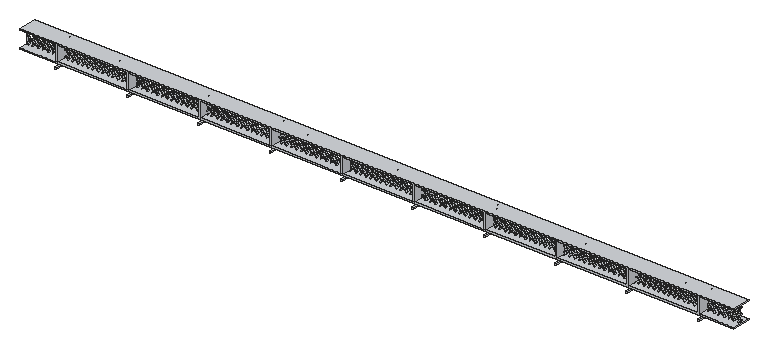
Revit family "Nedsale_venti panlat_zonder kam_Generic Model_2015", category Generic Models, Revit 2015 (continued)
Forms (mm)
  Extrusion 51, void
    sketch origin (676.237, 0, 0) x (1, 0, 0) y (0, 0, 1)
      loop
        line (13.002, 14.928) -> (9.002, 14.928) -> (7.002, 11.464) -> (9.002, 8) -> (13.002, 8) -> (15.002, 11.464) -> (13.002, 14.928)
      loop
        line (19.961, 26.982) -> (15.961, 26.982) -> (13.961, 23.518) -> (15.961, 20.054) -> (19.961, 20.054) -> (21.961, 23.518) -> (19.961, 26.982)
      loop
        line (19.961, 18.946) -> (15.961, 18.946) -> (13.961, 15.482) -> (15.961, 12.018) -> (19.961, 12.018) -> (21.961, 15.482) -> (19.961, 18.946)
      loop
        line (19.961, 10.91) -> (15.961, 10.91) -> (14.281, 8) -> (21.641, 8) -> (19.961, 10.91)
      loop
        line (21.641, 31) -> (14.281, 31) -> (15.961, 28.09) -> (19.961, 28.09) -> (21.641, 31)
    from -34.103 to 250
  Extrusion 52, void
    sketch origin (690.155, 0, 0) x (1, 0, 0) y (0, 0, 1)
      loop
        line (13.002, 31) -> (9.002, 31) -> (7.002, 27.536) -> (9.002, 24.072) -> (13.002, 24.072) -> (15.002, 27.536) -> (13.002, 31)
      loop
        line (13.002, 22.964) -> (9.002, 22.964) -> (7.002, 19.5) -> (9.002, 16.036) -> (13.002, 16.036) -> (15.002, 19.5) -> (13.002, 22.964)
      loop
        line (13.002, 14.928) -> (9.002, 14.928) -> (7.002, 11.464) -> (9.002, 8) -> (13.002, 8) -> (15.002, 11.464) -> (13.002, 14.928)
      loop
        line (19.961, 26.982) -> (15.961, 26.982) -> (13.961, 23.518) -> (15.961, 20.054) -> (19.961, 20.054) -> (21.961, 23.518) -> (19.961, 26.982)
      loop
        line (19.961, 18.946) -> (15.961, 18.946) -> (13.961, 15.482) -> (15.961, 12.018) -> (19.961, 12.018) -> (21.961, 15.482) -> (19.961, 18.946)
      loop
        line (19.961, 10.91) -> (15.961, 10.91) -> (14.281, 8) -> (21.641, 8) -> (19.961, 10.91)
      loop
        line (21.641, 31) -> (14.281, 31) -> (15.961, 28.09) -> (19.961, 28.09) -> (21.641, 31)
    from -34.103 to 250
  Extrusion 53, void
    sketch origin (704.074, 0, 0) x (1, 0, 0) y (0, 0, 1)
      loop
        line (13.002, 31) -> (9.002, 31) -> (7.002, 27.536) -> (9.002, 24.072) -> (13.002, 24.072) -> (15.002, 27.536) -> (13.002, 31)
      loop
        line (13.002, 22.964) -> (9.002, 22.964) -> (7.002, 19.5) -> (9.002, 16.036) -> (13.002, 16.036) -> (15.002, 19.5) -> (13.002, 22.964)
      loop
        line (13.002, 14.928) -> (9.002, 14.928) -> (7.002, 11.464) -> (9.002, 8) -> (13.002, 8) -> (15.002, 11.464) -> (13.002, 14.928)
      loop
        line (19.961, 26.982) -> (15.961, 26.982) -> (13.961, 23.518) -> (15.961, 20.054) -> (19.961, 20.054) -> (21.961, 23.518) -> (19.961, 26.982)
      loop
        line (19.961, 18.946) -> (15.961, 18.946) -> (13.961, 15.482) -> (15.961, 12.018) -> (19.961, 12.018) -> (21.961, 15.482) -> (19.961, 18.946)
      loop
        line (19.961, 10.91) -> (15.961, 10.91) -> (14.281, 8) -> (21.641, 8) -> (19.961, 10.91)
      loop
        line (21.641, 31) -> (14.281, 31) -> (15.961, 28.09) -> (19.961, 28.09) -> (21.641, 31)
    from -34.103 to 250
  Extrusion 54, void
    sketch origin (717.992, 0, 0) x (1, 0, 0) y (0, 0, 1)
      loop
        line (13.002, 31) -> (9.002, 31) -> (7.002, 27.536) -> (9.002, 24.072) -> (13.002, 24.072) -> (15.002, 27.536) -> (13.002, 31)
      loop
        line (13.002, 22.964) -> (9.002, 22.964) -> (7.002, 19.5) -> (9.002, 16.036) -> (13.002, 16.036) -> (15.002, 19.5) -> (13.002, 22.964)
      loop
        line (13.002, 14.928) -> (9.002, 14.928) -> (7.002, 11.464) -> (9.002, 8) -> (13.002, 8) -> (15.002, 11.464) -> (13.002, 14.928)
      loop
        line (19.961, 26.982) -> (15.961, 26.982) -> (13.961, 23.518) -> (15.961, 20.054) -> (19.961, 20.054) -> (21.961, 23.518) -> (19.961, 26.982)
      loop
        line (19.961, 18.946) -> (15.961, 18.946) -> (13.961, 15.482) -> (15.961, 12.018) -> (19.961, 12.018) -> (21.961, 15.482) -> (19.961, 18.946)
      loop
        line (19.961, 10.91) -> (15.961, 10.91) -> (14.281, 8) -> (21.641, 8) -> (19.961, 10.91)
      loop
        line (21.641, 31) -> (14.281, 31) -> (15.961, 28.09) -> (19.961, 28.09) -> (21.641, 31)
    from -34.103 to 250
  Extrusion 55, void
    sketch origin (731.911, 0, 0) x (1, 0, 0) y (0, 0, 1)
      loop
        line (13.002, 31) -> (9.002, 31) -> (7.002, 27.536) -> (9.002, 24.072) -> (13.002, 24.072) -> (15.002, 27.536) -> (13.002, 31)
      loop
        line (13.002, 22.964) -> (9.002, 22.964) -> (7.002, 19.5) -> (9.002, 16.036) -> (13.002, 16.036) -> (15.002, 19.5) -> (13.002, 22.964)
      loop
        line (13.002, 14.928) -> (9.002, 14.928) -> (7.002, 11.464) -> (9.002, 8) -> (13.002, 8) -> (15.002, 11.464) -> (13.002, 14.928)
      loop
        line (19.961, 26.982) -> (15.961, 26.982) -> (13.961, 23.518) -> (15.961, 20.054) -> (19.961, 20.054) -> (21.961, 23.518) -> (19.961, 26.982)
      loop
        line (19.961, 18.946) -> (15.961, 18.946) -> (13.961, 15.482) -> (15.961, 12.018) -> (19.961, 12.018) -> (21.961, 15.482) -> (19.961, 18.946)
      loop
        line (19.961, 10.91) -> (15.961, 10.91) -> (14.281, 8) -> (21.641, 8) -> (19.961, 10.91)
      loop
        line (21.641, 31) -> (14.281, 31) -> (15.961, 28.09) -> (19.961, 28.09) -> (21.641, 31)
    from -34.103 to 250
  Extrusion 56, void
    sketch origin (745.829, 0, 0) x (1, 0, 0) y (0, 0, 1)
      loop
        line (13.002, 31) -> (9.002, 31) -> (7.002, 27.536) -> (9.002, 24.072) -> (13.002, 24.072) -> (15.002, 27.536) -> (13.002, 31)
      loop
        line (13.002, 22.964) -> (9.002, 22.964) -> (7.002, 19.5) -> (9.002, 16.036) -> (13.002, 16.036) -> (15.002, 19.5) -> (13.002, 22.964)
      loop
        line (13.002, 14.928) -> (9.002, 14.928) -> (7.002, 11.464) -> (9.002, 8) -> (13.002, 8) -> (15.002, 11.464) -> (13.002, 14.928)
      loop
        line (19.961, 26.982) -> (15.961, 26.982) -> (13.961, 23.518) -> (15.961, 20.054) -> (19.961, 20.054) -> (21.961, 23.518) -> (19.961, 26.982)
      loop
        line (19.961, 18.946) -> (15.961, 18.946) -> (13.961, 15.482) -> (15.961, 12.018) -> (19.961, 12.018) -> (21.961, 15.482) -> (19.961, 18.946)
      loop
        line (19.961, 10.91) -> (15.961, 10.91) -> (14.281, 8) -> (21.641, 8) -> (19.961, 10.91)
      loop
        line (21.641, 31) -> (14.281, 31) -> (15.961, 28.09) -> (19.961, 28.09) -> (21.641, 31)
    from -34.103 to 250
  Extrusion 57, void
    sketch origin (759.748, 0, 0) x (1, 0, 0) y (0, 0, 1)
      loop
        line (13.002, 31) -> (9.002, 31) -> (7.002, 27.536) -> (9.002, 24.072) -> (13.002, 24.072) -> (15.002, 27.536) -> (13.002, 31)
      loop
        line (13.002, 22.964) -> (9.002, 22.964) -> (7.002, 19.5) -> (9.002, 16.036) -> (13.002, 16.036) -> (15.002, 19.5) -> (13.002, 22.964)
      loop
        line (13.002, 14.928) -> (9.002, 14.928) -> (7.002, 11.464) -> (9.002, 8) -> (13.002, 8) -> (15.002, 11.464) -> (13.002, 14.928)
      loop
        line (19.961, 26.982) -> (15.961, 26.982) -> (13.961, 23.518) -> (15.961, 20.054) -> (19.961, 20.054) -> (21.961, 23.518) -> (19.961, 26.982)
      loop
        line (19.961, 18.946) -> (15.961, 18.946) -> (13.961, 15.482) -> (15.961, 12.018) -> (19.961, 12.018) -> (21.961, 15.482) -> (19.961, 18.946)
      loop
        line (19.961, 10.91) -> (15.961, 10.91) -> (14.281, 8) -> (21.641, 8) -> (19.961, 10.91)
      loop
        line (21.641, 31) -> (14.281, 31) -> (15.961, 28.09) -> (19.961, 28.09) -> (21.641, 31)
    from -34.103 to 250
  Extrusion 58, void
    sketch origin (773.667, 0, 0) x (1, 0, 0) y (0, 0, 1)
      loop
        line (13.002, 31) -> (9.002, 31) -> (7.002, 27.536) -> (9.002, 24.072) -> (13.002, 24.072) -> (15.002, 27.536) -> (13.002, 31)
      loop
        line (13.002, 22.964) -> (9.002, 22.964) -> (7.002, 19.5) -> (9.002, 16.036) -> (13.002, 16.036) -> (15.002, 19.5) -> (13.002, 22.964)
      loop
        line (13.002, 14.928) -> (9.002, 14.928) -> (7.002, 11.464) -> (9.002, 8) -> (13.002, 8) -> (15.002, 11.464) -> (13.002, 14.928)
      loop
        line (19.961, 26.982) -> (15.961, 26.982) -> (13.961, 23.518) -> (15.961, 20.054) -> (19.961, 20.054) -> (21.961, 23.518) -> (19.961, 26.982)
      loop
        line (19.961, 18.946) -> (15.961, 18.946) -> (13.961, 15.482) -> (15.961, 12.018) -> (19.961, 12.018) -> (21.961, 15.482) -> (19.961, 18.946)
      loop
        line (19.961, 10.91) -> (15.961, 10.91) -> (14.281, 8) -> (21.641, 8) -> (19.961, 10.91)
      loop
        line (21.641, 31) -> (14.281, 31) -> (15.961, 28.09) -> (19.961, 28.09) -> (21.641, 31)
    from -34.103 to 250
  Extrusion 59, void
    sketch origin (787.585, 0, 0) x (1, 0, 0) y (0, 0, 1)
      loop
        line (13.002, 31) -> (9.002, 31) -> (7.002, 27.536) -> (9.002, 24.072) -> (13.002, 24.072) -> (15.002, 27.536) -> (13.002, 31)
      loop
        line (13.002, 22.964) -> (9.002, 22.964) -> (7.002, 19.5) -> (9.002, 16.036) -> (13.002, 16.036) -> (15.002, 19.5) -> (13.002, 22.964)
      loop
        line (13.002, 14.928) -> (9.002, 14.928) -> (7.002, 11.464) -> (9.002, 8) -> (13.002, 8) -> (15.002, 11.464) -> (13.002, 14.928)
      loop
        line (19.961, 26.982) -> (15.961, 26.982) -> (13.961, 23.518) -> (15.961, 20.054) -> (19.961, 20.054) -> (21.961, 23.518) -> (19.961, 26.982)
      loop
        line (19.961, 18.946) -> (15.961, 18.946) -> (13.961, 15.482) -> (15.961, 12.018) -> (19.961, 12.018) -> (21.961, 15.482) -> (19.961, 18.946)
      loop
        line (19.961, 10.91) -> (15.961, 10.91) -> (14.281, 8) -> (21.641, 8) -> (19.961, 10.91)
      loop
        line (21.641, 31) -> (14.281, 31) -> (15.961, 28.09) -> (19.961, 28.09) -> (21.641, 31)
    from -34.103 to 250
  Extrusion 60, void
    sketch origin (801.504, 0, 0) x (1, 0, 0) y (0, 0, 1)
      loop
        line (13.002, 31) -> (9.002, 31) -> (7.002, 27.536) -> (9.002, 24.072) -> (13.002, 24.072) -> (15.002, 27.536) -> (13.002, 31)
      loop
        line (13.002, 22.964) -> (9.002, 22.964) -> (7.002, 19.5) -> (9.002, 16.036) -> (13.002, 16.036) -> (15.002, 19.5) -> (13.002, 22.964)
      loop
        line (13.002, 14.928) -> (9.002, 14.928) -> (7.002, 11.464) -> (9.002, 8) -> (13.002, 8) -> (15.002, 11.464) -> (13.002, 14.928)
      loop
        line (19.961, 26.982) -> (15.961, 26.982) -> (13.961, 23.518) -> (15.961, 20.054) -> (19.961, 20.054) -> (21.961, 23.518) -> (19.961, 26.982)
      loop
        line (19.961, 18.946) -> (15.961, 18.946) -> (13.961, 15.482) -> (15.961, 12.018) -> (19.961, 12.018) -> (21.961, 15.482) -> (19.961, 18.946)
      loop
        line (19.961, 10.91) -> (15.961, 10.91) -> (14.281, 8) -> (21.641, 8) -> (19.961, 10.91)
      loop
        line (21.641, 31) -> (14.281, 31) -> (15.961, 28.09) -> (19.961, 28.09) -> (21.641, 31)
    from -34.103 to 250
  Extrusion 61, void
    sketch origin (815.422, 0, 0) x (1, 0, 0) y (0, 0, 1)
      loop
        line (13.002, 31) -> (9.002, 31) -> (7.002, 27.536) -> (9.002, 24.072) -> (13.002, 24.072) -> (15.002, 27.536) -> (13.002, 31)
      loop
        line (13.002, 22.964) -> (9.002, 22.964) -> (7.002, 19.5) -> (9.002, 16.036) -> (13.002, 16.036) -> (15.002, 19.5) -> (13.002, 22.964)
      loop
        line (13.002, 14.928) -> (9.002, 14.928) -> (7.002, 11.464) -> (9.002, 8) -> (13.002, 8) -> (15.002, 11.464) -> (13.002, 14.928)
      loop
        line (19.961, 26.982) -> (15.961, 26.982) -> (13.961, 23.518) -> (15.961, 20.054) -> (19.961, 20.054) -> (21.961, 23.518) -> (19.961, 26.982)
      loop
        line (19.961, 18.946) -> (15.961, 18.946) -> (13.961, 15.482) -> (15.961, 12.018) -> (19.961, 12.018) -> (21.961, 15.482) -> (19.961, 18.946)
      loop
        line (19.961, 10.91) -> (15.961, 10.91) -> (14.281, 8) -> (21.641, 8) -> (19.961, 10.91)
      loop
        line (21.641, 31) -> (14.281, 31) -> (15.961, 28.09) -> (19.961, 28.09) -> (21.641, 31)
    from -34.103 to 250
  Extrusion 62, void
    sketch origin (829.341, 0, 0) x (1, 0, 0) y (0, 0, 1)
      loop
        line (13.002, 31) -> (9.002, 31) -> (7.002, 27.536) -> (9.002, 24.072) -> (13.002, 24.072) -> (15.002, 27.536) -> (13.002, 31)
      loop
        line (13.002, 22.964) -> (9.002, 22.964) -> (7.002, 19.5) -> (9.002, 16.036) -> (13.002, 16.036) -> (15.002, 19.5) -> (13.002, 22.964)
      loop
        line (13.002, 14.928) -> (9.002, 14.928) -> (7.002, 11.464) -> (9.002, 8) -> (13.002, 8) -> (15.002, 11.464) -> (13.002, 14.928)
      loop
        line (19.961, 26.982) -> (15.961, 26.982) -> (13.961, 23.518) -> (15.961, 20.054) -> (19.961, 20.054) -> (21.961, 23.518) -> (19.961, 26.982)
      loop
        line (19.961, 18.946) -> (15.961, 18.946) -> (13.961, 15.482) -> (15.961, 12.018) -> (19.961, 12.018) -> (21.961, 15.482) -> (19.961, 18.946)
      loop
        line (19.961, 10.91) -> (15.961, 10.91) -> (14.281, 8) -> (21.641, 8) -> (19.961, 10.91)
      loop
        line (21.641, 31) -> (14.281, 31) -> (15.961, 28.09) -> (19.961, 28.09) -> (21.641, 31)
    from -34.103 to 250
  Extrusion 63, void
    sketch origin (843.26, 0, 0) x (1, 0, 0) y (0, 0, 1)
      loop
        line (13.002, 31) -> (9.002, 31) -> (7.002, 27.536) -> (9.002, 24.072) -> (13.002, 24.072) -> (15.002, 27.536) -> (13.002, 31)
      loop
        line (13.002, 22.964) -> (9.002, 22.964) -> (7.002, 19.5) -> (9.002, 16.036) -> (13.002, 16.036) -> (15.002, 19.5) -> (13.002, 22.964)
      loop
        line (13.002, 14.928) -> (9.002, 14.928) -> (7.002, 11.464) -> (9.002, 8) -> (13.002, 8) -> (15.002, 11.464) -> (13.002, 14.928)
      loop
        line (19.961, 26.982) -> (15.961, 26.982) -> (13.961, 23.518) -> (15.961, 20.054) -> (19.961, 20.054) -> (21.961, 23.518) -> (19.961, 26.982)
      loop
        line (19.961, 18.946) -> (15.961, 18.946) -> (13.961, 15.482) -> (15.961, 12.018) -> (19.961, 12.018) -> (21.961, 15.482) -> (19.961, 18.946)
      loop
        line (19.961, 10.91) -> (15.961, 10.91) -> (14.281, 8) -> (21.641, 8) -> (19.961, 10.91)
      loop
        line (21.641, 31) -> (14.281, 31) -> (15.961, 28.09) -> (19.961, 28.09) -> (21.641, 31)
    from -34.103 to 250
  Extrusion 64, void
    sketch origin (857.178, 0, 0) x (1, 0, 0) y (0, 0, 1)
      loop
        line (13.002, 31) -> (9.002, 31) -> (7.002, 27.536) -> (9.002, 24.072) -> (13.002, 24.072) -> (15.002, 27.536) -> (13.002, 31)
      loop
        line (13.002, 22.964) -> (9.002, 22.964) -> (7.002, 19.5) -> (9.002, 16.036) -> (13.002, 16.036) -> (15.002, 19.5) -> (13.002, 22.964)
      loop
        line (13.002, 14.928) -> (9.002, 14.928) -> (7.002, 11.464) -> (9.002, 8) -> (13.002, 8) -> (15.002, 11.464) -> (13.002, 14.928)
      loop
        line (19.961, 26.982) -> (15.961, 26.982) -> (13.961, 23.518) -> (15.961, 20.054) -> (19.961, 20.054) -> (21.961, 23.518) -> (19.961, 26.982)
      loop
        line (19.961, 18.946) -> (15.961, 18.946) -> (13.961, 15.482) -> (15.961, 12.018) -> (19.961, 12.018) -> (21.961, 15.482) -> (19.961, 18.946)
      loop
        line (19.961, 10.91) -> (15.961, 10.91) -> (14.281, 8) -> (21.641, 8) -> (19.961, 10.91)
      loop
        line (21.641, 31) -> (14.281, 31) -> (15.961, 28.09) -> (19.961, 28.09) -> (21.641, 31)
    from -34.103 to 250
  Extrusion 65, void
    sketch origin (871.097, 0, 0) x (1, 0, 0) y (0, 0, 1)
      loop
        line (13.002, 31) -> (9.002, 31) -> (7.002, 27.536) -> (9.002, 24.072) -> (13.002, 24.072) -> (15.002, 27.536) -> (13.002, 31)
      loop
        line (13.002, 22.964) -> (9.002, 22.964) -> (7.002, 19.5) -> (9.002, 16.036) -> (13.002, 16.036) -> (15.002, 19.5) -> (13.002, 22.964)
      loop
        line (13.002, 14.928) -> (9.002, 14.928) -> (7.002, 11.464) -> (9.002, 8) -> (13.002, 8) -> (15.002, 11.464) -> (13.002, 14.928)
      loop
        line (19.961, 26.982) -> (15.961, 26.982) -> (13.961, 23.518) -> (15.961, 20.054) -> (19.961, 20.054) -> (21.961, 23.518) -> (19.961, 26.982)
      loop
        line (19.961, 18.946) -> (15.961, 18.946) -> (13.961, 15.482) -> (15.961, 12.018) -> (19.961, 12.018) -> (21.961, 15.482) -> (19.961, 18.946)
      loop
        line (19.961, 10.91) -> (15.961, 10.91) -> (14.281, 8) -> (21.641, 8) -> (19.961, 10.91)
      loop
        line (21.641, 31) -> (14.281, 31) -> (15.961, 28.09) -> (19.961, 28.09) -> (21.641, 31)
    from -34.103 to 250
  Extrusion 66, void
    sketch origin (885.015, 0, 0) x (1, 0, 0) y (0, 0, 1)
      loop
        line (13.002, 31) -> (9.002, 31) -> (7.002, 27.536) -> (9.002, 24.072) -> (13.002, 24.072) -> (15.002, 27.536) -> (13.002, 31)
      loop
        line (13.002, 22.964) -> (9.002, 22.964) -> (7.002, 19.5) -> (9.002, 16.036) -> (13.002, 16.036) -> (15.002, 19.5) -> (13.002, 22.964)
      loop
        line (13.002, 14.928) -> (9.002, 14.928) -> (7.002, 11.464) -> (9.002, 8) -> (13.002, 8) -> (15.002, 11.464) -> (13.002, 14.928)
      loop
        line (19.961, 26.982) -> (15.961, 26.982) -> (13.961, 23.518) -> (15.961, 20.054) -> (19.961, 20.054) -> (21.961, 23.518) -> (19.961, 26.982)
      loop
        line (19.961, 18.946) -> (15.961, 18.946) -> (13.961, 15.482) -> (15.961, 12.018) -> (19.961, 12.018) -> (21.961, 15.482) -> (19.961, 18.946)
      loop
        line (19.961, 10.91) -> (15.961, 10.91) -> (14.281, 8) -> (21.641, 8) -> (19.961, 10.91)
      loop
        line (21.641, 31) -> (14.281, 31) -> (15.961, 28.09) -> (19.961, 28.09) -> (21.641, 31)
    from -34.103 to 250
  Extrusion 67, void
    sketch origin (898.934, 0, 0) x (1, 0, 0) y (0, 0, 1)
      loop
        line (13.002, 31) -> (9.002, 31) -> (7.002, 27.536) -> (9.002, 24.072) -> (13.002, 24.072) -> (15.002, 27.536) -> (13.002, 31)
      loop
        line (13.002, 22.964) -> (9.002, 22.964) -> (7.002, 19.5) -> (9.002, 16.036) -> (13.002, 16.036) -> (15.002, 19.5) -> (13.002, 22.964)
      loop
        line (13.002, 14.928) -> (9.002, 14.928) -> (7.002, 11.464) -> (9.002, 8) -> (13.002, 8) -> (15.002, 11.464) -> (13.002, 14.928)
      loop
        line (19.961, 26.982) -> (15.961, 26.982) -> (13.961, 23.518) -> (15.961, 20.054) -> (19.961, 20.054) -> (21.961, 23.518) -> (19.961, 26.982)
      loop
        line (19.961, 18.946) -> (15.961, 18.946) -> (13.961, 15.482) -> (15.961, 12.018) -> (19.961, 12.018) -> (21.961, 15.482) -> (19.961, 18.946)
      loop
        line (19.961, 10.91) -> (15.961, 10.91) -> (14.281, 8) -> (21.641, 8) -> (19.961, 10.91)
      loop
        line (21.641, 31) -> (14.281, 31) -> (15.961, 28.09) -> (19.961, 28.09) -> (21.641, 31)
    from -34.103 to 250
  Extrusion 68, void
    sketch origin (912.852, 0, 0) x (1, 0, 0) y (0, 0, 1)
      loop
        line (13.002, 31) -> (9.002, 31) -> (7.002, 27.536) -> (9.002, 24.072) -> (13.002, 24.072) -> (15.002, 27.536) -> (13.002, 31)
      loop
        line (13.002, 22.964) -> (9.002, 22.964) -> (7.002, 19.5) -> (9.002, 16.036) -> (13.002, 16.036) -> (15.002, 19.5) -> (13.002, 22.964)
      loop
        line (13.002, 14.928) -> (9.002, 14.928) -> (7.002, 11.464) -> (9.002, 8) -> (13.002, 8) -> (15.002, 11.464) -> (13.002, 14.928)
      loop
        line (19.961, 26.982) -> (15.961, 26.982) -> (13.961, 23.518) -> (15.961, 20.054) -> (19.961, 20.054) -> (21.961, 23.518) -> (19.961, 26.982)
      loop
        line (19.961, 18.946) -> (15.961, 18.946) -> (13.961, 15.482) -> (15.961, 12.018) -> (19.961, 12.018) -> (21.961, 15.482) -> (19.961, 18.946)
      loop
        line (19.961, 10.91) -> (15.961, 10.91) -> (14.281, 8) -> (21.641, 8) -> (19.961, 10.91)
      loop
        line (21.641, 31) -> (14.281, 31) -> (15.961, 28.09) -> (19.961, 28.09) -> (21.641, 31)
    from -34.103 to 250
  Extrusion 69, void
    sketch origin (926.771, 0, 0) x (1, 0, 0) y (0, 0, 1)
      loop
        line (13.002, 31) -> (9.002, 31) -> (7.002, 27.536) -> (9.002, 24.072) -> (13.002, 24.072) -> (15.002, 27.536) -> (13.002, 31)
      loop
        line (13.002, 22.964) -> (9.002, 22.964) -> (7.002, 19.5) -> (9.002, 16.036) -> (13.002, 16.036) -> (15.002, 19.5) -> (13.002, 22.964)
      loop
        line (13.002, 14.928) -> (9.002, 14.928) -> (7.002, 11.464) -> (9.002, 8) -> (13.002, 8) -> (15.002, 11.464) -> (13.002, 14.928)
      loop
        line (19.961, 26.982) -> (15.961, 26.982) -> (13.961, 23.518) -> (15.961, 20.054) -> (19.961, 20.054) -> (21.961, 23.518) -> (19.961, 26.982)
      loop
        line (19.961, 18.946) -> (15.961, 18.946) -> (13.961, 15.482) -> (15.961, 12.018) -> (19.961, 12.018) -> (21.961, 15.482) -> (19.961, 18.946)
      loop
        line (19.961, 10.91) -> (15.961, 10.91) -> (14.281, 8) -> (21.641, 8) -> (19.961, 10.91)
      loop
        line (21.641, 31) -> (14.281, 31) -> (15.961, 28.09) -> (19.961, 28.09) -> (21.641, 31)
    from -34.103 to 250
  Extrusion 70, void
    sketch origin (940.69, 0, 0) x (1, 0, 0) y (0, 0, 1)
      loop
        line (13.002, 31) -> (9.002, 31) -> (7.002, 27.536) -> (9.002, 24.072) -> (13.002, 24.072) -> (15.002, 27.536) -> (13.002, 31)
      loop
        line (13.002, 22.964) -> (9.002, 22.964) -> (7.002, 19.5) -> (9.002, 16.036) -> (13.002, 16.036) -> (15.002, 19.5) -> (13.002, 22.964)
      loop
        line (13.002, 14.928) -> (9.002, 14.928) -> (7.002, 11.464) -> (9.002, 8) -> (13.002, 8) -> (15.002, 11.464) -> (13.002, 14.928)
      loop
        line (19.961, 26.982) -> (15.961, 26.982) -> (13.961, 23.518) -> (15.961, 20.054) -> (19.961, 20.054) -> (21.961, 23.518) -> (19.961, 26.982)
      loop
        line (19.961, 18.946) -> (15.961, 18.946) -> (13.961, 15.482) -> (15.961, 12.018) -> (19.961, 12.018) -> (21.961, 15.482) -> (19.961, 18.946)
      loop
        line (19.961, 10.91) -> (15.961, 10.91) -> (14.281, 8) -> (21.641, 8) -> (19.961, 10.91)
      loop
        line (21.641, 31) -> (14.281, 31) -> (15.961, 28.09) -> (19.961, 28.09) -> (21.641, 31)
    from -34.103 to 250
  Extrusion 71, void
    sketch origin (954.608, 0, 0) x (1, 0, 0) y (0, 0, 1)
      loop
        line (13.002, 31) -> (9.002, 31) -> (7.002, 27.536) -> (9.002, 24.072) -> (13.002, 24.072) -> (15.002, 27.536) -> (13.002, 31)
      loop
        line (13.002, 22.964) -> (9.002, 22.964) -> (7.002, 19.5) -> (9.002, 16.036) -> (13.002, 16.036) -> (15.002, 19.5) -> (13.002, 22.964)
      loop
        line (13.002, 14.928) -> (9.002, 14.928) -> (7.002, 11.464) -> (9.002, 8) -> (13.002, 8) -> (15.002, 11.464) -> (13.002, 14.928)
      loop
        line (19.961, 26.982) -> (15.961, 26.982) -> (13.961, 23.518) -> (15.961, 20.054) -> (19.961, 20.054) -> (21.961, 23.518) -> (19.961, 26.982)
      loop
        line (19.961, 18.946) -> (15.961, 18.946) -> (13.961, 15.482) -> (15.961, 12.018) -> (19.961, 12.018) -> (21.961, 15.482) -> (19.961, 18.946)
      loop
        line (19.961, 10.91) -> (15.961, 10.91) -> (14.281, 8) -> (21.641, 8) -> (19.961, 10.91)
      loop
        line (21.641, 31) -> (14.281, 31) -> (15.961, 28.09) -> (19.961, 28.09) -> (21.641, 31)
    from -34.103 to 250
  Extrusion 72, void
    sketch origin (968.527, 0, 0) x (1, 0, 0) y (0, 0, 1)
      loop
        line (13.002, 31) -> (9.002, 31) -> (7.002, 27.536) -> (9.002, 24.072) -> (13.002, 24.072) -> (15.002, 27.536) -> (13.002, 31)
      loop
        line (13.002, 22.964) -> (9.002, 22.964) -> (7.002, 19.5) -> (9.002, 16.036) -> (13.002, 16.036) -> (15.002, 19.5) -> (13.002, 22.964)
      loop
        line (13.002, 14.928) -> (9.002, 14.928) -> (7.002, 11.464) -> (9.002, 8) -> (13.002, 8) -> (15.002, 11.464) -> (13.002, 14.928)
      loop
        line (19.961, 26.982) -> (15.961, 26.982) -> (13.961, 23.518) -> (15.961, 20.054) -> (19.961, 20.054) -> (21.961, 23.518) -> (19.961, 26.982)
      loop
        line (19.961, 18.946) -> (15.961, 18.946) -> (13.961, 15.482) -> (15.961, 12.018) -> (19.961, 12.018) -> (21.961, 15.482) -> (19.961, 18.946)
      loop
        line (19.961, 10.91) -> (15.961, 10.91) -> (14.281, 8) -> (21.641, 8) -> (19.961, 10.91)
      loop
        line (21.641, 31) -> (14.281, 31) -> (15.961, 28.09) -> (19.961, 28.09) -> (21.641, 31)
    from -34.103 to 250
  Extrusion 73, void
    sketch origin (982.445, 0, 0) x (1, 0, 0) y (0, 0, 1)
      loop
        line (13.002, 31) -> (9.002, 31) -> (7.002, 27.536) -> (9.002, 24.072) -> (13.002, 24.072) -> (15.002, 27.536) -> (13.002, 31)
      loop
        line (13.002, 22.964) -> (9.002, 22.964) -> (7.002, 19.5) -> (9.002, 16.036) -> (13.002, 16.036) -> (15.002, 19.5) -> (13.002, 22.964)
      loop
        line (13.002, 14.928) -> (9.002, 14.928) -> (7.002, 11.464) -> (9.002, 8) -> (13.002, 8) -> (15.002, 11.464) -> (13.002, 14.928)
      loop
        line (19.961, 26.982) -> (15.961, 26.982) -> (13.961, 23.518) -> (15.961, 20.054) -> (19.961, 20.054) -> (21.961, 23.518) -> (19.961, 26.982)
      loop
        line (19.961, 18.946) -> (15.961, 18.946) -> (13.961, 15.482) -> (15.961, 12.018) -> (19.961, 12.018) -> (21.961, 15.482) -> (19.961, 18.946)
      loop
        line (19.961, 10.91) -> (15.961, 10.91) -> (14.281, 8) -> (21.641, 8) -> (19.961, 10.91)
      loop
        line (21.641, 31) -> (14.281, 31) -> (15.961, 28.09) -> (19.961, 28.09) -> (21.641, 31)
    from -34.103 to 250
  Extrusion 74, solid
    sketch origin (0, 0, 0) x (0, -1, 0) y (0, 0, -1)
      loop
        line (0, -32) -> (25, -32) -> (25, -7) -> (13.711, -7) -> (13.711, -2) -> (25.89, -2) -> (25.89, 0) -> (0, 0) -> (0, -1.899) -> (11.711, -1.899) -> (11.711, -7) -> (0, -7) -> (0, -32)
    from 49.625 to 52.345
  Extrusion 75, solid
    sketch origin (100, 0, 0) x (0, -1, 0) y (0, 0, -1)
      loop
        line (0, -32) -> (25, -32) -> (25, -7) -> (13.711, -7) -> (13.711, -2) -> (25.89, -2) -> (25.89, 0) -> (0, 0) -> (0, -1.899) -> (11.711, -1.899) -> (11.711, -7) -> (0, -7) -> (0, -32)
    from 49.625 to 52.345
  Extrusion 76, solid
    sketch origin (200, 0, 0) x (0, -1, 0) y (0, 0, -1)
      loop
        line (0, -32) -> (25, -32) -> (25, -7) -> (13.711, -7) -> (13.711, -2) -> (25.89, -2) -> (25.89, 0) -> (0, 0) -> (0, -1.899) -> (11.711, -1.899) -> (11.711, -7) -> (0, -7) -> (0, -32)
    from 49.625 to 52.345
  Extrusion 77, solid
    sketch origin (300, 0, 0) x (0, -1, 0) y (0, 0, -1)
      loop
        line (0, -32) -> (25, -32) -> (25, -7) -> (13.711, -7) -> (13.711, -2) -> (25.89, -2) -> (25.89, 0) -> (0, 0) -> (0, -1.899) -> (11.711, -1.899) -> (11.711, -7) -> (0, -7) -> (0, -32)
    from 49.625 to 52.345
  Extrusion 78, solid
    sketch origin (400, 0, 0) x (0, -1, 0) y (0, 0, -1)
      loop
        line (0, -32) -> (25, -32) -> (25, -7) -> (13.711, -7) -> (13.711, -2) -> (25.89, -2) -> (25.89, 0) -> (0, 0) -> (0, -1.899) -> (11.711, -1.899) -> (11.711, -7) -> (0, -7) -> (0, -32)
    from 49.625 to 52.345
  Extrusion 79, solid
    sketch origin (500, 0, 0) x (0, -1, 0) y (0, 0, -1)
      loop
        line (0, -32) -> (25, -32) -> (25, -7) -> (13.711, -7) -> (13.711, -2) -> (25.89, -2) -> (25.89, 0) -> (0, 0) -> (0, -1.899) -> (11.711, -1.899) -> (11.711, -7) -> (0, -7) -> (0, -32)
    from 49.625 to 52.345
  Extrusion 80, solid
    sketch origin (600, 0, 0) x (0, -1, 0) y (0, 0, -1)
      loop
        line (0, -32) -> (25, -32) -> (25, -7) -> (13.711, -7) -> (13.711, -2) -> (25.89, -2) -> (25.89, 0) -> (0, 0) -> (0, -1.899) -> (11.711, -1.899) -> (11.711, -7) -> (0, -7) -> (0, -32)
    from 49.625 to 52.345
  Extrusion 81, solid
    sketch origin (700, 0, 0) x (0, -1, 0) y (0, 0, -1)
      loop
        line (0, -32) -> (25, -32) -> (25, -7) -> (13.711, -7) -> (13.711, -2) -> (25.89, -2) -> (25.89, 0) -> (0, 0) -> (0, -1.899) -> (11.711, -1.899) -> (11.711, -7) -> (0, -7) -> (0, -32)
    from 49.625 to 52.345
  Extrusion 82, solid
    sketch origin (800, 0, 0) x (0, -1, 0) y (0, 0, -1)
      loop
        line (0, -32) -> (25, -32) -> (25, -7) -> (13.711, -7) -> (13.711, -2) -> (25.89, -2) -> (25.89, 0) -> (0, 0) -> (0, -1.899) -> (11.711, -1.899) -> (11.711, -7) -> (0, -7) -> (0, -32)
    from 49.625 to 52.345
  Extrusion 83, solid
    sketch origin (900, 0, 0) x (0, -1, 0) y (0, 0, -1)
      loop
        line (0, -32) -> (25, -32) -> (25, -7) -> (13.711, -7) -> (13.711, -2) -> (25.89, -2) -> (25.89, 0) -> (0, 0) -> (0, -1.899) -> (11.711, -1.899) -> (11.711, -7) -> (0, -7) -> (0, -32)
    from 49.625 to 52.345
  Extrusion 84, solid
    sketch origin (0, 0, 0) x (0, -1, 0) y (0, 0, -1)
      loop
        line (0, -32) -> (25, -32) -> (25, -30.499) -> (0, -30.499) -> (0, -32)
      loop
        line (0, -8.501) -> (25, -8.501) -> (25, -7) -> (0, -7) -> (0, -8.501)
    from 0 to 1000
Cuts and joins
  Extrusion 2, Extrusion 3, Extrusion 4, Extrusion 5, Extrusion 6, Extrusion 7, Extrusion 8, Extrusion 9, Extrusion 10, Extrusion 11, Extrusion 12, Extrusion 13, Extrusion 14, Extrusion 15, Extrusion 16, Extrusion 17, Extrusion 18, Extrusion 19, Extrusion 20, Extrusion 21, Extrusion 22, Extrusion 23, Extrusion 24, Extrusion 25, Extrusion 26, Extrusion 27, Extrusion 28, Extrusion 29, Extrusion 30, Extrusion 31, Extrusion 32, Extrusion 33, Extrusion 34, Extrusion 35, Extrusion 36, Extrusion 37, Extrusion 38, Extrusion 39, Extrusion 40, Extrusion 41, Extrusion 42, Extrusion 43, Extrusion 44, Extrusion 45, Extrusion 46, Extrusion 47, Extrusion 48, Extrusion 49, Extrusion 50, Extrusion 51, Extrusion 52, Extrusion 53, Extrusion 54, Extrusion 55, Extrusion 56, Extrusion 57, Extrusion 58, Extrusion 59, Extrusion 60, Extrusion 61, Extrusion 62, Extrusion 63, Extrusion 64, Extrusion 65, Extrusion 66, Extrusion 67, Extrusion 68, Extrusion 69, Extrusion 70, Extrusion 71, Extrusion 72, Extrusion 73 cuts Extrusion 1
  joined: Extrusion 1, Extrusion 74, Extrusion 75, Extrusion 76, Extrusion 77, Extrusion 78, Extrusion 79, Extrusion 80, Extrusion 81, Extrusion 82, Extrusion 83, Extrusion 84
Dimensions and locks
  equal spacing: group 1, group 2, group 3, group 4, group 5, group 6, group 7, group 8, group 9, group 10, group 11, group 12, group 13, group 14, group 15, group 16, group 17, group 18, group 19, group 20, group 21, group 22, group 23, group 24, group 25, group 26, group 27, group 28, group 29, group 30, group 31, group 32, group 33, group 34, group 35, group 36, group 37, group 38, group 39, group 40, group 41, group 42, group 43, group 44, group 45, group 46, group 47, group 48, group 49, group 50, group 51, group 52, group 53, group 54, group 55, group 56, group 57, group 58, group 59, group 60, group 61, group 62, group 63, group 64, group 65, group 66, group 67, group 68, group 69, group 70, group 71, group 72  (x3)
  aligned and locked: level to plane 2
Automatic sketch dimensions
  Extrusion 2 sketch curve to Extrusion 2 sketch curve = 0 mm  (x11)
  Extrusion 2 sketch curve to Extrusion 2 sketch curve = 4 mm  (x7)
  Extrusion 2 sketch curve to Extrusion 2 sketch curve = 0.959 mm  (x7)
  Extrusion 2 sketch curve to Extrusion 2 sketch curve = 1.279 mm  (x2)
  Extrusion 2 sketch curve to Extrusion 2 sketch curve = 0.721 mm  (x2)
  Extrusion 2 sketch curve to Extrusion 2 sketch curve = 2 mm  (x7)
  Extrusion 2 sketch curve to Extrusion 2 sketch curve = 1.68 mm  (x2)
  Extrusion 2 sketch curve to Extrusion 2 sketch curve = 2.91 mm  (x2)
  Extrusion 2 sketch curve to Extrusion 2 sketch curve = 3.464 mm  (x10)
  Extrusion 2 sketch curve to Extrusion 2 sketch curve = 0.554 mm  (x7)
  Extrusion 2 sketch curve to Extrusion 2 sketch curve = 1.108 mm  (x3)
  Extrusion 3 sketch curve to Extrusion 3 sketch curve = 0 mm  (x11)
  Extrusion 3 sketch curve to Extrusion 3 sketch curve = 4 mm  (x7)
  Extrusion 3 sketch curve to Extrusion 3 sketch curve = 0.959 mm  (x7)
  Extrusion 3 sketch curve to Extrusion 3 sketch curve = 1.279 mm  (x2)
  Extrusion 3 sketch curve to Extrusion 3 sketch curve = 0.721 mm  (x2)
  Extrusion 3 sketch curve to Extrusion 3 sketch curve = 2 mm  (x7)
  Extrusion 3 sketch curve to Extrusion 3 sketch curve = 1.68 mm  (x2)
  Extrusion 3 sketch curve to Extrusion 3 sketch curve = 2.91 mm  (x2)
  Extrusion 3 sketch curve to Extrusion 3 sketch curve = 3.464 mm  (x10)
  Extrusion 3 sketch curve to Extrusion 3 sketch curve = 0.554 mm  (x7)
  Extrusion 3 sketch curve to Extrusion 3 sketch curve = 1.108 mm  (x3)
  Extrusion 4 sketch curve to Extrusion 4 sketch curve = 0 mm  (x11)
  Extrusion 4 sketch curve to Extrusion 4 sketch curve = 4 mm  (x7)
  Extrusion 4 sketch curve to Extrusion 4 sketch curve = 0.959 mm  (x7)
  Extrusion 4 sketch curve to Extrusion 4 sketch curve = 1.279 mm  (x2)
  Extrusion 4 sketch curve to Extrusion 4 sketch curve = 0.721 mm  (x2)
  Extrusion 4 sketch curve to Extrusion 4 sketch curve = 2 mm  (x7)
  Extrusion 4 sketch curve to Extrusion 4 sketch curve = 1.68 mm  (x2)
  Extrusion 4 sketch curve to Extrusion 4 sketch curve = 2.91 mm  (x2)
  Extrusion 4 sketch curve to Extrusion 4 sketch curve = 3.464 mm  (x10)
  Extrusion 4 sketch curve to Extrusion 4 sketch curve = 0.554 mm  (x7)
  Extrusion 4 sketch curve to Extrusion 4 sketch curve = 1.108 mm  (x3)
  Extrusion 5 sketch curve to Extrusion 5 sketch curve = 0 mm  (x11)
  Extrusion 5 sketch curve to Extrusion 5 sketch curve = 4 mm  (x7)
  Extrusion 5 sketch curve to Extrusion 5 sketch curve = 0.959 mm  (x7)
  Extrusion 5 sketch curve to Extrusion 5 sketch curve = 1.279 mm  (x2)
  Extrusion 5 sketch curve to Extrusion 5 sketch curve = 0.721 mm  (x2)
  Extrusion 5 sketch curve to Extrusion 5 sketch curve = 2 mm  (x7)
  Extrusion 5 sketch curve to Extrusion 5 sketch curve = 1.68 mm  (x2)
  Extrusion 5 sketch curve to Extrusion 5 sketch curve = 2.91 mm  (x2)
  Extrusion 5 sketch curve to Extrusion 5 sketch curve = 3.464 mm  (x10)
  Extrusion 5 sketch curve to Extrusion 5 sketch curve = 0.554 mm  (x7)
  Extrusion 5 sketch curve to Extrusion 5 sketch curve = 1.108 mm  (x3)
  Extrusion 6 sketch curve to Extrusion 6 sketch curve = 0 mm  (x11)
  Extrusion 6 sketch curve to Extrusion 6 sketch curve = 4 mm  (x7)
  Extrusion 6 sketch curve to Extrusion 6 sketch curve = 0.959 mm  (x7)
  Extrusion 6 sketch curve to Extrusion 6 sketch curve = 1.279 mm  (x2)
  Extrusion 6 sketch curve to Extrusion 6 sketch curve = 0.721 mm  (x2)
  Extrusion 6 sketch curve to Extrusion 6 sketch curve = 2 mm  (x7)
  Extrusion 6 sketch curve to Extrusion 6 sketch curve = 1.68 mm  (x2)
  Extrusion 6 sketch curve to Extrusion 6 sketch curve = 2.91 mm  (x2)
  Extrusion 6 sketch curve to Extrusion 6 sketch curve = 3.464 mm  (x10)
  Extrusion 6 sketch curve to Extrusion 6 sketch curve = 0.554 mm  (x7)
  Extrusion 6 sketch curve to Extrusion 6 sketch curve = 1.108 mm  (x3)
  Extrusion 7 sketch curve to Extrusion 7 sketch curve = 0 mm  (x11)
  Extrusion 7 sketch curve to Extrusion 7 sketch curve = 4 mm  (x7)
  Extrusion 7 sketch curve to Extrusion 7 sketch curve = 0.959 mm  (x7)
  Extrusion 7 sketch curve to Extrusion 7 sketch curve = 1.279 mm  (x2)
  Extrusion 7 sketch curve to Extrusion 7 sketch curve = 0.721 mm  (x2)
  Extrusion 7 sketch curve to Extrusion 7 sketch curve = 2 mm  (x7)
  Extrusion 7 sketch curve to Extrusion 7 sketch curve = 1.68 mm  (x2)
  Extrusion 7 sketch curve to Extrusion 7 sketch curve = 2.91 mm  (x2)
  Extrusion 7 sketch curve to Extrusion 7 sketch curve = 3.464 mm  (x10)
  Extrusion 7 sketch curve to Extrusion 7 sketch curve = 0.554 mm  (x7)
  Extrusion 7 sketch curve to Extrusion 7 sketch curve = 1.108 mm  (x3)
  Extrusion 8 sketch curve to Extrusion 8 sketch curve = 0 mm  (x11)
  Extrusion 8 sketch curve to Extrusion 8 sketch curve = 4 mm  (x7)
  Extrusion 8 sketch curve to Extrusion 8 sketch curve = 0.959 mm  (x7)
  Extrusion 8 sketch curve to Extrusion 8 sketch curve = 1.279 mm  (x2)
  Extrusion 8 sketch curve to Extrusion 8 sketch curve = 0.721 mm  (x2)
  Extrusion 8 sketch curve to Extrusion 8 sketch curve = 2 mm  (x7)
  Extrusion 8 sketch curve to Extrusion 8 sketch curve = 1.68 mm  (x2)
  Extrusion 8 sketch curve to Extrusion 8 sketch curve = 2.91 mm  (x2)
  Extrusion 8 sketch curve to Extrusion 8 sketch curve = 3.464 mm  (x10)
  Extrusion 8 sketch curve to Extrusion 8 sketch curve = 0.554 mm  (x7)
  Extrusion 8 sketch curve to Extrusion 8 sketch curve = 1.108 mm  (x3)
  Extrusion 9 sketch curve to Extrusion 9 sketch curve = 0 mm  (x11)
  Extrusion 9 sketch curve to Extrusion 9 sketch curve = 4 mm  (x7)
  Extrusion 9 sketch curve to Extrusion 9 sketch curve = 0.959 mm  (x7)
  Extrusion 9 sketch curve to Extrusion 9 sketch curve = 1.279 mm  (x2)
  Extrusion 9 sketch curve to Extrusion 9 sketch curve = 0.721 mm  (x2)
  Extrusion 9 sketch curve to Extrusion 9 sketch curve = 2 mm  (x7)
  Extrusion 9 sketch curve to Extrusion 9 sketch curve = 1.68 mm  (x2)
  Extrusion 9 sketch curve to Extrusion 9 sketch curve = 2.91 mm  (x2)
  Extrusion 9 sketch curve to Extrusion 9 sketch curve = 3.464 mm  (x10)
  Extrusion 9 sketch curve to Extrusion 9 sketch curve = 0.554 mm  (x7)
  Extrusion 9 sketch curve to Extrusion 9 sketch curve = 1.108 mm  (x3)
  Extrusion 10 sketch curve to Extrusion 10 sketch curve = 0 mm  (x11)
  Extrusion 10 sketch curve to Extrusion 10 sketch curve = 4 mm  (x7)
  Extrusion 10 sketch curve to Extrusion 10 sketch curve = 0.959 mm  (x7)
  Extrusion 10 sketch curve to Extrusion 10 sketch curve = 1.279 mm  (x2)
  Extrusion 10 sketch curve to Extrusion 10 sketch curve = 0.721 mm  (x2)
  Extrusion 10 sketch curve to Extrusion 10 sketch curve = 2 mm  (x7)
  Extrusion 10 sketch curve to Extrusion 10 sketch curve = 1.68 mm  (x2)
  Extrusion 10 sketch curve to Extrusion 10 sketch curve = 2.91 mm  (x2)
  Extrusion 10 sketch curve to Extrusion 10 sketch curve = 3.464 mm  (x10)
  Extrusion 10 sketch curve to Extrusion 10 sketch curve = 0.554 mm  (x7)
  Extrusion 10 sketch curve to Extrusion 10 sketch curve = 1.108 mm  (x3)
  Extrusion 11 sketch curve to Extrusion 11 sketch curve = 0 mm  (x11)
  Extrusion 11 sketch curve to Extrusion 11 sketch curve = 4 mm  (x7)
  Extrusion 11 sketch curve to Extrusion 11 sketch curve = 0.959 mm  (x7)
  Extrusion 11 sketch curve to Extrusion 11 sketch curve = 1.279 mm  (x2)
  Extrusion 11 sketch curve to Extrusion 11 sketch curve = 0.721 mm  (x2)
  Extrusion 11 sketch curve to Extrusion 11 sketch curve = 2 mm  (x7)
  Extrusion 11 sketch curve to Extrusion 11 sketch curve = 1.68 mm  (x2)
  Extrusion 11 sketch curve to Extrusion 11 sketch curve = 2.91 mm  (x2)
  Extrusion 11 sketch curve to Extrusion 11 sketch curve = 3.464 mm  (x10)
  Extrusion 11 sketch curve to Extrusion 11 sketch curve = 0.554 mm  (x7)
  Extrusion 11 sketch curve to Extrusion 11 sketch curve = 1.108 mm  (x3)
  Extrusion 12 sketch curve to Extrusion 12 sketch curve = 0 mm  (x11)
  Extrusion 12 sketch curve to Extrusion 12 sketch curve = 4 mm  (x7)
  Extrusion 12 sketch curve to Extrusion 12 sketch curve = 0.959 mm  (x7)
  Extrusion 12 sketch curve to Extrusion 12 sketch curve = 1.279 mm  (x2)
  Extrusion 12 sketch curve to Extrusion 12 sketch curve = 0.721 mm  (x2)
  Extrusion 12 sketch curve to Extrusion 12 sketch curve = 2 mm  (x7)
  Extrusion 12 sketch curve to Extrusion 12 sketch curve = 1.68 mm  (x2)
  Extrusion 12 sketch curve to Extrusion 12 sketch curve = 2.91 mm  (x2)
  Extrusion 12 sketch curve to Extrusion 12 sketch curve = 3.464 mm  (x10)
  Extrusion 12 sketch curve to Extrusion 12 sketch curve = 0.554 mm  (x7)
  Extrusion 12 sketch curve to Extrusion 12 sketch curve = 1.108 mm  (x3)
  Extrusion 13 sketch curve to Extrusion 13 sketch curve = 0 mm  (x11)
  Extrusion 13 sketch curve to Extrusion 13 sketch curve = 4 mm  (x7)
  Extrusion 13 sketch curve to Extrusion 13 sketch curve = 0.959 mm  (x7)
  Extrusion 13 sketch curve to Extrusion 13 sketch curve = 1.279 mm  (x2)
  Extrusion 13 sketch curve to Extrusion 13 sketch curve = 0.721 mm  (x2)
  Extrusion 13 sketch curve to Extrusion 13 sketch curve = 2 mm  (x7)
  Extrusion 13 sketch curve to Extrusion 13 sketch curve = 1.68 mm  (x2)
  Extrusion 13 sketch curve to Extrusion 13 sketch curve = 2.91 mm  (x2)
  Extrusion 13 sketch curve to Extrusion 13 sketch curve = 3.464 mm  (x10)
  Extrusion 13 sketch curve to Extrusion 13 sketch curve = 0.554 mm  (x7)
  Extrusion 13 sketch curve to Extrusion 13 sketch curve = 1.108 mm  (x3)
  Extrusion 14 sketch curve to Extrusion 14 sketch curve = 0 mm  (x11)
  Extrusion 14 sketch curve to Extrusion 14 sketch curve = 4 mm  (x7)
  Extrusion 14 sketch curve to Extrusion 14 sketch curve = 0.959 mm  (x7)
  Extrusion 14 sketch curve to Extrusion 14 sketch curve = 1.279 mm  (x2)
  Extrusion 14 sketch curve to Extrusion 14 sketch curve = 0.721 mm  (x2)
  Extrusion 14 sketch curve to Extrusion 14 sketch curve = 2 mm  (x7)
  Extrusion 14 sketch curve to Extrusion 14 sketch curve = 1.68 mm  (x2)
  Extrusion 14 sketch curve to Extrusion 14 sketch curve = 2.91 mm  (x2)
  Extrusion 14 sketch curve to Extrusion 14 sketch curve = 3.464 mm  (x10)
  Extrusion 14 sketch curve to Extrusion 14 sketch curve = 0.554 mm  (x7)
  Extrusion 14 sketch curve to Extrusion 14 sketch curve = 1.108 mm  (x3)
  Extrusion 15 sketch curve to Extrusion 15 sketch curve = 0 mm  (x11)
  Extrusion 15 sketch curve to Extrusion 15 sketch curve = 4 mm  (x7)
  Extrusion 15 sketch curve to Extrusion 15 sketch curve = 0.959 mm  (x7)
  Extrusion 15 sketch curve to Extrusion 15 sketch curve = 1.279 mm  (x2)
  Extrusion 15 sketch curve to Extrusion 15 sketch curve = 0.721 mm  (x2)
  Extrusion 15 sketch curve to Extrusion 15 sketch curve = 2 mm  (x7)
  Extrusion 15 sketch curve to Extrusion 15 sketch curve = 1.68 mm  (x2)
  Extrusion 15 sketch curve to Extrusion 15 sketch curve = 2.91 mm  (x2)
  Extrusion 15 sketch curve to Extrusion 15 sketch curve = 3.464 mm  (x10)
  Extrusion 15 sketch curve to Extrusion 15 sketch curve = 0.554 mm  (x7)
  Extrusion 15 sketch curve to Extrusion 15 sketch curve = 1.108 mm  (x3)
  Extrusion 16 sketch curve to Extrusion 16 sketch curve = 0 mm  (x11)
  Extrusion 16 sketch curve to Extrusion 16 sketch curve = 4 mm  (x7)
  Extrusion 16 sketch curve to Extrusion 16 sketch curve = 0.959 mm  (x7)
  Extrusion 16 sketch curve to Extrusion 16 sketch curve = 1.279 mm  (x2)
  Extrusion 16 sketch curve to Extrusion 16 sketch curve = 0.721 mm  (x2)
  Extrusion 16 sketch curve to Extrusion 16 sketch curve = 2 mm  (x7)
  Extrusion 16 sketch curve to Extrusion 16 sketch curve = 1.68 mm  (x2)
  Extrusion 16 sketch curve to Extrusion 16 sketch curve = 2.91 mm  (x2)
  Extrusion 16 sketch curve to Extrusion 16 sketch curve = 3.464 mm  (x10)
  Extrusion 16 sketch curve to Extrusion 16 sketch curve = 0.554 mm  (x7)
  Extrusion 16 sketch curve to Extrusion 16 sketch curve = 1.108 mm  (x3)
  Extrusion 17 sketch curve to Extrusion 17 sketch curve = 0 mm  (x11)
  Extrusion 17 sketch curve to Extrusion 17 sketch curve = 4 mm  (x7)
  Extrusion 17 sketch curve to Extrusion 17 sketch curve = 0.959 mm  (x7)
  Extrusion 17 sketch curve to Extrusion 17 sketch curve = 1.279 mm  (x2)
  Extrusion 17 sketch curve to Extrusion 17 sketch curve = 0.721 mm  (x2)
  Extrusion 17 sketch curve to Extrusion 17 sketch curve = 2 mm  (x7)
  Extrusion 17 sketch curve to Extrusion 17 sketch curve = 1.68 mm  (x2)
  Extrusion 17 sketch curve to Extrusion 17 sketch curve = 2.91 mm  (x2)
  Extrusion 17 sketch curve to Extrusion 17 sketch curve = 3.464 mm  (x10)
  Extrusion 17 sketch curve to Extrusion 17 sketch curve = 0.554 mm  (x7)
  Extrusion 17 sketch curve to Extrusion 17 sketch curve = 1.108 mm  (x3)
  Extrusion 18 sketch curve to Extrusion 18 sketch curve = 0 mm  (x11)
  Extrusion 18 sketch curve to Extrusion 18 sketch curve = 4 mm  (x7)
  Extrusion 18 sketch curve to Extrusion 18 sketch curve = 0.959 mm  (x7)
  Extrusion 18 sketch curve to Extrusion 18 sketch curve = 1.279 mm  (x2)
  Extrusion 18 sketch curve to Extrusion 18 sketch curve = 0.721 mm  (x2)
  Extrusion 18 sketch curve to Extrusion 18 sketch curve = 2 mm  (x7)
  Extrusion 18 sketch curve to Extrusion 18 sketch curve = 1.68 mm  (x2)
  Extrusion 18 sketch curve to Extrusion 18 sketch curve = 2.91 mm  (x2)
  Extrusion 18 sketch curve to Extrusion 18 sketch curve = 3.464 mm  (x10)
  Extrusion 18 sketch curve to Extrusion 18 sketch curve = 0.554 mm  (x7)
  Extrusion 18 sketch curve to Extrusion 18 sketch curve = 1.108 mm  (x3)
  Extrusion 19 sketch curve to Extrusion 19 sketch curve = 0 mm  (x11)
  Extrusion 19 sketch curve to Extrusion 19 sketch curve = 4 mm  (x7)
  Extrusion 19 sketch curve to Extrusion 19 sketch curve = 0.959 mm  (x7)
  Extrusion 19 sketch curve to Extrusion 19 sketch curve = 1.279 mm  (x2)
  Extrusion 19 sketch curve to Extrusion 19 sketch curve = 0.721 mm  (x2)
  Extrusion 19 sketch curve to Extrusion 19 sketch curve = 2 mm  (x7)
  Extrusion 19 sketch curve to Extrusion 19 sketch curve = 1.68 mm  (x2)
  Extrusion 19 sketch curve to Extrusion 19 sketch curve = 2.91 mm  (x2)
  Extrusion 19 sketch curve to Extrusion 19 sketch curve = 3.464 mm  (x10)
  Extrusion 19 sketch curve to Extrusion 19 sketch curve = 0.554 mm  (x7)
  Extrusion 19 sketch curve to Extrusion 19 sketch curve = 1.108 mm  (x3)
  Extrusion 20 sketch curve to Extrusion 20 sketch curve = 0 mm  (x11)
  Extrusion 20 sketch curve to Extrusion 20 sketch curve = 4 mm  (x7)
  Extrusion 20 sketch curve to Extrusion 20 sketch curve = 0.959 mm  (x7)
  Extrusion 20 sketch curve to Extrusion 20 sketch curve = 1.279 mm  (x2)
  Extrusion 20 sketch curve to Extrusion 20 sketch curve = 0.721 mm  (x2)
  Extrusion 20 sketch curve to Extrusion 20 sketch curve = 2 mm  (x7)
  Extrusion 20 sketch curve to Extrusion 20 sketch curve = 1.68 mm  (x2)
  Extrusion 20 sketch curve to Extrusion 20 sketch curve = 2.91 mm  (x2)
  Extrusion 20 sketch curve to Extrusion 20 sketch curve = 3.464 mm  (x10)
  Extrusion 20 sketch curve to Extrusion 20 sketch curve = 0.554 mm  (x7)
  Extrusion 20 sketch curve to Extrusion 20 sketch curve = 1.108 mm  (x3)
  Extrusion 21 sketch curve to Extrusion 21 sketch curve = 0 mm  (x11)
  Extrusion 21 sketch curve to Extrusion 21 sketch curve = 4 mm  (x7)
  Extrusion 21 sketch curve to Extrusion 21 sketch curve = 0.959 mm  (x7)
  Extrusion 21 sketch curve to Extrusion 21 sketch curve = 1.279 mm  (x2)
  Extrusion 21 sketch curve to Extrusion 21 sketch curve = 0.721 mm  (x2)
  Extrusion 21 sketch curve to Extrusion 21 sketch curve = 2 mm  (x7)
  Extrusion 21 sketch curve to Extrusion 21 sketch curve = 1.68 mm  (x2)
  Extrusion 21 sketch curve to Extrusion 21 sketch curve = 2.91 mm  (x2)
  Extrusion 21 sketch curve to Extrusion 21 sketch curve = 3.464 mm  (x10)
  Extrusion 21 sketch curve to Extrusion 21 sketch curve = 0.554 mm  (x7)
  Extrusion 21 sketch curve to Extrusion 21 sketch curve = 1.108 mm  (x3)
  Extrusion 22 sketch curve to Extrusion 22 sketch curve = 0 mm  (x11)
  Extrusion 22 sketch curve to Extrusion 22 sketch curve = 4 mm  (x7)
  Extrusion 22 sketch curve to Extrusion 22 sketch curve = 0.959 mm  (x7)
  Extrusion 22 sketch curve to Extrusion 22 sketch curve = 1.279 mm  (x2)
  Extrusion 22 sketch curve to Extrusion 22 sketch curve = 0.721 mm  (x2)
  Extrusion 22 sketch curve to Extrusion 22 sketch curve = 2 mm  (x7)
  Extrusion 22 sketch curve to Extrusion 22 sketch curve = 1.68 mm  (x2)
  Extrusion 22 sketch curve to Extrusion 22 sketch curve = 2.91 mm  (x2)
  Extrusion 22 sketch curve to Extrusion 22 sketch curve = 3.464 mm  (x10)
  Extrusion 22 sketch curve to Extrusion 22 sketch curve = 0.554 mm  (x7)
  Extrusion 22 sketch curve to Extrusion 22 sketch curve = 1.108 mm  (x3)
  Extrusion 23 sketch curve to Extrusion 23 sketch curve = 0 mm  (x11)
  Extrusion 23 sketch curve to Extrusion 23 sketch curve = 4 mm  (x7)
  Extrusion 23 sketch curve to Extrusion 23 sketch curve = 0.959 mm  (x7)
  Extrusion 23 sketch curve to Extrusion 23 sketch curve = 1.279 mm  (x2)
  Extrusion 23 sketch curve to Extrusion 23 sketch curve = 0.721 mm  (x2)
  Extrusion 23 sketch curve to Extrusion 23 sketch curve = 2 mm  (x7)
  Extrusion 23 sketch curve to Extrusion 23 sketch curve = 1.68 mm  (x2)
  Extrusion 23 sketch curve to Extrusion 23 sketch curve = 2.91 mm  (x2)
  Extrusion 23 sketch curve to Extrusion 23 sketch curve = 3.464 mm  (x10)
  Extrusion 23 sketch curve to Extrusion 23 sketch curve = 0.554 mm  (x7)
  Extrusion 23 sketch curve to Extrusion 23 sketch curve = 1.108 mm  (x3)
  Extrusion 24 sketch curve to Extrusion 24 sketch curve = 0 mm  (x11)
  Extrusion 24 sketch curve to Extrusion 24 sketch curve = 4 mm  (x7)
  Extrusion 24 sketch curve to Extrusion 24 sketch curve = 0.959 mm  (x7)
  Extrusion 24 sketch curve to Extrusion 24 sketch curve = 1.279 mm  (x2)
  Extrusion 24 sketch curve to Extrusion 24 sketch curve = 0.721 mm  (x2)
  Extrusion 24 sketch curve to Extrusion 24 sketch curve = 2 mm  (x7)
  Extrusion 24 sketch curve to Extrusion 24 sketch curve = 1.68 mm  (x2)
  Extrusion 24 sketch curve to Extrusion 24 sketch curve = 2.91 mm  (x2)
  Extrusion 24 sketch curve to Extrusion 24 sketch curve = 3.464 mm  (x10)
  Extrusion 24 sketch curve to Extrusion 24 sketch curve = 0.554 mm  (x7)
  Extrusion 24 sketch curve to Extrusion 24 sketch curve = 1.108 mm  (x3)
  Extrusion 25 sketch curve to Extrusion 25 sketch curve = 0 mm  (x11)
  Extrusion 25 sketch curve to Extrusion 25 sketch curve = 4 mm  (x7)
  Extrusion 25 sketch curve to Extrusion 25 sketch curve = 0.959 mm  (x7)
  Extrusion 25 sketch curve to Extrusion 25 sketch curve = 1.279 mm  (x2)
  Extrusion 25 sketch curve to Extrusion 25 sketch curve = 0.721 mm  (x2)
  Extrusion 25 sketch curve to Extrusion 25 sketch curve = 2 mm  (x7)
  Extrusion 25 sketch curve to Extrusion 25 sketch curve = 1.68 mm  (x2)
  Extrusion 25 sketch curve to Extrusion 25 sketch curve = 2.91 mm  (x2)
  Extrusion 25 sketch curve to Extrusion 25 sketch curve = 3.464 mm  (x10)
  Extrusion 25 sketch curve to Extrusion 25 sketch curve = 0.554 mm  (x7)
  Extrusion 25 sketch curve to Extrusion 25 sketch curve = 1.108 mm  (x3)
  Extrusion 26 sketch curve to Extrusion 26 sketch curve = 0 mm  (x11)
  Extrusion 26 sketch curve to Extrusion 26 sketch curve = 4 mm  (x7)
  Extrusion 26 sketch curve to Extrusion 26 sketch curve = 0.959 mm  (x7)
  Extrusion 26 sketch curve to Extrusion 26 sketch curve = 1.279 mm  (x2)
  Extrusion 26 sketch curve to Extrusion 26 sketch curve = 0.721 mm  (x2)
  Extrusion 26 sketch curve to Extrusion 26 sketch curve = 2 mm  (x7)
  Extrusion 26 sketch curve to Extrusion 26 sketch curve = 1.68 mm  (x2)
  Extrusion 26 sketch curve to Extrusion 26 sketch curve = 2.91 mm  (x2)
  Extrusion 26 sketch curve to Extrusion 26 sketch curve = 3.464 mm  (x10)
  Extrusion 26 sketch curve to Extrusion 26 sketch curve = 0.554 mm  (x7)
  Extrusion 26 sketch curve to Extrusion 26 sketch curve = 1.108 mm  (x3)
  Extrusion 27 sketch curve to Extrusion 27 sketch curve = 0 mm  (x11)
  Extrusion 27 sketch curve to Extrusion 27 sketch curve = 4 mm  (x7)
  Extrusion 27 sketch curve to Extrusion 27 sketch curve = 0.959 mm  (x7)
  Extrusion 27 sketch curve to Extrusion 27 sketch curve = 1.279 mm  (x2)
  Extrusion 27 sketch curve to Extrusion 27 sketch curve = 0.721 mm  (x2)
  Extrusion 27 sketch curve to Extrusion 27 sketch curve = 2 mm  (x7)
  Extrusion 27 sketch curve to Extrusion 27 sketch curve = 1.68 mm  (x2)
  Extrusion 27 sketch curve to Extrusion 27 sketch curve = 2.91 mm  (x2)
  Extrusion 27 sketch curve to Extrusion 27 sketch curve = 3.464 mm  (x10)
  Extrusion 27 sketch curve to Extrusion 27 sketch curve = 0.554 mm  (x7)
  Extrusion 27 sketch curve to Extrusion 27 sketch curve = 1.108 mm  (x3)
  Extrusion 28 sketch curve to Extrusion 28 sketch curve = 0 mm  (x11)
  Extrusion 28 sketch curve to Extrusion 28 sketch curve = 4 mm  (x7)
  Extrusion 28 sketch curve to Extrusion 28 sketch curve = 0.959 mm  (x7)
  Extrusion 28 sketch curve to Extrusion 28 sketch curve = 1.279 mm  (x2)
  Extrusion 28 sketch curve to Extrusion 28 sketch curve = 0.721 mm  (x2)
  Extrusion 28 sketch curve to Extrusion 28 sketch curve = 2 mm  (x7)
  Extrusion 28 sketch curve to Extrusion 28 sketch curve = 1.68 mm  (x2)
  Extrusion 28 sketch curve to Extrusion 28 sketch curve = 2.91 mm  (x2)
  Extrusion 28 sketch curve to Extrusion 28 sketch curve = 3.464 mm  (x10)
  Extrusion 28 sketch curve to Extrusion 28 sketch curve = 0.554 mm  (x7)
  Extrusion 28 sketch curve to Extrusion 28 sketch curve = 1.108 mm  (x3)
  Extrusion 29 sketch curve to Extrusion 29 sketch curve = 0 mm  (x11)
  Extrusion 29 sketch curve to Extrusion 29 sketch curve = 4 mm  (x7)
  Extrusion 29 sketch curve to Extrusion 29 sketch curve = 0.959 mm  (x7)
  Extrusion 29 sketch curve to Extrusion 29 sketch curve = 1.279 mm  (x2)
  Extrusion 29 sketch curve to Extrusion 29 sketch curve = 0.721 mm  (x2)
  Extrusion 29 sketch curve to Extrusion 29 sketch curve = 2 mm  (x7)
  Extrusion 29 sketch curve to Extrusion 29 sketch curve = 1.68 mm  (x2)
  Extrusion 29 sketch curve to Extrusion 29 sketch curve = 2.91 mm  (x2)
  Extrusion 29 sketch curve to Extrusion 29 sketch curve = 3.464 mm  (x10)
  Extrusion 29 sketch curve to Extrusion 29 sketch curve = 0.554 mm  (x7)
  Extrusion 29 sketch curve to Extrusion 29 sketch curve = 1.108 mm  (x3)
  Extrusion 30 sketch curve to Extrusion 30 sketch curve = 0 mm  (x11)
  Extrusion 30 sketch curve to Extrusion 30 sketch curve = 4 mm  (x7)
  Extrusion 30 sketch curve to Extrusion 30 sketch curve = 0.959 mm  (x7)
  Extrusion 30 sketch curve to Extrusion 30 sketch curve = 1.279 mm  (x2)
  Extrusion 30 sketch curve to Extrusion 30 sketch curve = 0.721 mm  (x2)
  Extrusion 30 sketch curve to Extrusion 30 sketch curve = 2 mm  (x7)
  Extrusion 30 sketch curve to Extrusion 30 sketch curve = 1.68 mm  (x2)
  Extrusion 30 sketch curve to Extrusion 30 sketch curve = 2.91 mm  (x2)
  Extrusion 30 sketch curve to Extrusion 30 sketch curve = 3.464 mm  (x10)
  Extrusion 30 sketch curve to Extrusion 30 sketch curve = 0.554 mm  (x7)
  Extrusion 30 sketch curve to Extrusion 30 sketch curve = 1.108 mm  (x3)
  Extrusion 31 sketch curve to Extrusion 31 sketch curve = 0 mm  (x11)
  Extrusion 31 sketch curve to Extrusion 31 sketch curve = 4 mm  (x7)
  Extrusion 31 sketch curve to Extrusion 31 sketch curve = 0.959 mm  (x7)
  Extrusion 31 sketch curve to Extrusion 31 sketch curve = 1.279 mm  (x2)
  Extrusion 31 sketch curve to Extrusion 31 sketch curve = 0.721 mm  (x2)
  Extrusion 31 sketch curve to Extrusion 31 sketch curve = 2 mm  (x7)
  Extrusion 31 sketch curve to Extrusion 31 sketch curve = 1.68 mm  (x2)
  Extrusion 31 sketch curve to Extrusion 31 sketch curve = 2.91 mm  (x2)
  Extrusion 31 sketch curve to Extrusion 31 sketch curve = 3.464 mm  (x10)
  Extrusion 31 sketch curve to Extrusion 31 sketch curve = 0.554 mm  (x7)
  Extrusion 31 sketch curve to Extrusion 31 sketch curve = 1.108 mm  (x3)
  Extrusion 32 sketch curve to Extrusion 32 sketch curve = 0 mm  (x11)
